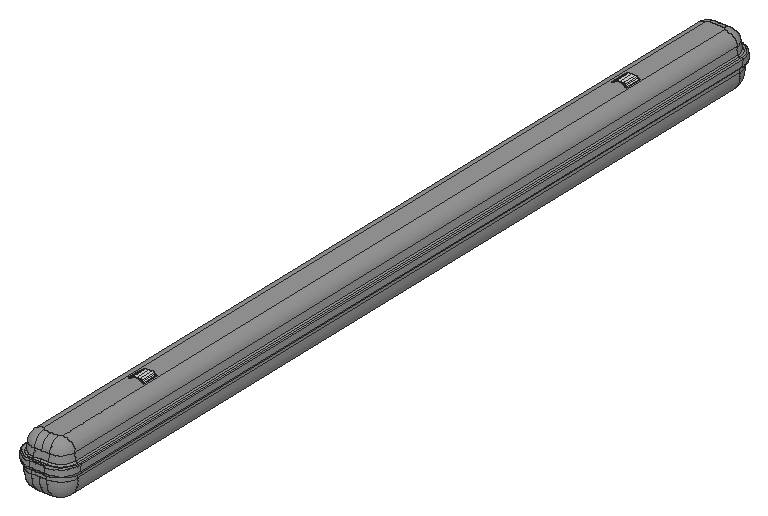
Revit family "63_UN_Lightline_WDO SV RS L1550_Norton", category Lighting Fixtures, Revit 2019
Family settings
  Round Connector Dimension = Use Diameter
  Part Type = Normal
  OmniClass Number = 23.80.70.11.14.11
  OmniClass Title = Downlights
  Work Plane-Based = No
  Always vertical = Yes
  Cut with Voids When Loaded = No
  Light Source = Yes
  Shared = No
  Room Calculation Point = Yes
Parameters (values of type "WDOSVRS 84 1 LM3000 1550")
  calc_length = Length - 40 mm  # 1538 mm
  Wattage Comments = "27W"
  Wattage = 23.5624 W
  built-in parameter 1150110 = 1 (stored number, unit not read)
  Voltage = 230 V
  URL = "https://www.ivlibrary.com/"
  Type Comments = "L1550"
  built-in parameter 1114217 = 1 (stored number, unit not read)
  Tilt Angle = 60.00°
  built-in parameter 1150109 = 1 (stored number, unit not read)
  built-in parameter 1150134 = 3
  Symbol_ToScale [instance] = not(Symbol_RealSize)  # yes
  Symbol_Size = Length / 100  # 15.78 mm
  Symbol_RealSize [instance] = no
  Switch Code [instance] = ""
  built-in parameter 1150113 = 1 (stored number, unit not read)
  Photometric Web File = "WDOSVRS 841 LM3000 1550_LDT.ies"
  Model = "WDO SV RS"
  Manufacturer = "Norton"
  built-in parameter 1150105 = 281.4 (stored number, unit not read)
  Luminous Flux (lm) = 3500 lm
  Lumens = 3500 lm
  built-in parameter 1150115 = 1 (stored number, unit not read)
  Luminaire Code [instance] = ""
  built-in parameter 1150137 = (empty or 0)
  built-in parameter 1150139 = (empty or 0)
  Length = 1578 mm
  built-in parameter 1150112 = 1 (stored number, unit not read)
  built-in parameter 1150114 = 1 (stored number, unit not read)
  Lamp = "LED"
  built-in parameter 1150132 = 2
  built-in parameter 1150102 = (empty or 0)
  built-in parameter 1150107 = 3200 (stored number, unit not read)
  built-in parameter 1150138 = (empty or 0)
  built-in parameter 1150106 = 2.814 (stored number, unit not read)
  IfcExportType = "USERDEFINED"
  IfcExportAs = "IfcLightFixtureType"
  IP Value = "IP66"
  IK Value = "IK08"
  Housing_Material = Laminate, White
  Emit from Rectangle Width = calc_length  # 1538 mm
  Emit from Rectangle Length = 101 mm
  Emit Shape Visible in Rendering = no
  built-in parameter 1150104 = 13.8 (stored number, unit not read)
  Dimming Lamp Color Temperature Shift = <None>
  Description = ""
  Content Creator® = "www.ivlibrary.com"
  Color Filter = 16777215
  Bracket_Distance = 1100 mm
  built-in parameter 1114218 = 1 (stored number, unit not read)
  built-in parameter 1150133 = 10 (stored number, unit not read)
  Assembly Code = "63.0"
  Apparent Load = 27 VA
Reference planes
  plane 1 "Center (Front/Back)": y = 0
  plane 2: z = 0
  plane 3 "Center (Left/Right)": x = 0
  plane 4: y = 769
  plane 5: y = -769
  plane 6: y = -785.192
  plane 7: y = 785
  plane 8: y = -550
  plane 9: y = 550
Forms (mm)
  Sweep 1, solid, material "Laminate, White" <- "Housing_Material"
    path origin (-26.25, 0, 0) x (1, 0, 0) y (0, 1, 0)
      loop
        line (26.25, -769) -> (40, -769)
        arc (40, -769) -> (50.607, -764.607) -> (55, -754) r 15
        line (55, -754) -> (55, 754)
        arc (55, 754) -> (50.607, 764.607) -> (40, 769) r 15
        line (40, 769) -> (26.25, 769)
    profile origin (28.75, 0, 0) x (-1, 0, 0) y (0, 0, 1)
      loop
        line (13.75, -55) -> (13.75, -5) -> (11.564, -5)
        arc (11.564, -5) -> (-3.391, -10.765) -> (-10.607, -25.076) r 22.28
        line (-10.607, -25.076) -> (-11.924, -38.327)
        arc (-11.924, -38.327) -> (-12.75, -39.965) -> (-14.462, -40.625) r 2.551
        line (-14.462, -40.625) -> (-19.75, -40.625)
        arc (-19.75, -40.625) -> (-20.811, -41.064) -> (-21.25, -42.125) r 1.5
        line (-21.25, -42.125) -> (-21.25, -53.5)
        arc (-21.25, -53.5) -> (-20.811, -54.561) -> (-19.75, -55) r 1.5
        line (-19.75, -55) -> (13.75, -55)
  Sweep 2, solid, material "Laminate, White" <- "Housing_Material"
    path origin (26.25, 0, 0) x (-1, 0, 0) y (0, 1, 0)
      loop
        line (26.25, -769) -> (40, -769)
        arc (40, -769) -> (50.607, -764.607) -> (55, -754) r 15
        line (55, -754) -> (55, 754)
        arc (55, 754) -> (50.607, 764.607) -> (40, 769) r 15
        line (40, 769) -> (26.25, 769)
    profile origin (-28.75, 0, 0) x (-1, 0, 0) y (0, 0, 1)
      loop
        line (-14.225, -55) -> (19.75, -55)
        arc (19.75, -55) -> (20.811, -54.561) -> (21.25, -53.5) r 1.5
        line (21.25, -53.5) -> (21.25, -42.125)
        arc (21.25, -42.125) -> (20.811, -41.064) -> (19.75, -40.625) r 1.5
        line (19.75, -40.625) -> (14.462, -40.625)
        arc (14.462, -40.625) -> (12.75, -39.965) -> (11.924, -38.327) r 2.551
        line (11.924, -38.327) -> (10.607, -25.076)
        arc (10.607, -25.076) -> (3.391, -10.765) -> (-11.564, -5) r 22.28
        line (-11.564, -5) -> (-14.225, -5) -> (-14.225, -55)
  Sweep 3, solid, material "Glass, White, High Luminance"
    path origin (0, 0, 0) x (1, 0, 0) y (0, 1, 0)
      loop
        arc (-44.95, -753.992) -> (-35.812, -776.054) -> (-13.75, -785.192) r 31.2
        line (-13.75, -785.192) -> (0, -785.192) -> (13.75, -785.192)
        arc (13.75, -785.192) -> (35.812, -776.054) -> (44.95, -753.992) r 31.2
        line (44.95, -753.992) -> (44.95, 753.8)
        arc (44.95, 753.8) -> (35.812, 775.862) -> (13.75, 785) r 31.2
        line (13.75, 785) -> (0, 785) -> (-13.75, 785)
        arc (-13.75, 785) -> (-35.812, 775.862) -> (-44.95, 753.8) r 31.2
        line (-44.95, 753.8) -> (-44.95, -753.992)
    profile origin (-44.95, -0.096, 0) x (-1, 0, 0) y (0, 0, 1)
      loop
        line (0, -65) -> (0, -55) -> (-30.425, -55) -> (-30.425, -99.972) -> (-28.319, -99.972)
        spline (-28.319, -99.972) -> (-22.316, -99.519) -> (-17.22, -98.236) -> (-12.957, -96.239) -> (-9.455, -93.641) -> (-6.64, -90.557) -> (-4.438, -87.103) -> (-2.776, -83.392) -> (-1.581, -79.539) -> (-0.779, -75.658) -> (-0.297, -71.865) -> (-0.062, -68.274) -> (0, -65)
  Extrusion 4, solid, material "Laminate, White" <- "Housing_Material"
    sketch origin (0, 0, 0) x (1, 0, 0) y (0, 1, 0)
      loop
        line (-14.525, 755.25) -> (-14.525, -755.25) -> (15, -755.25) -> (15, 755.25) -> (-14.525, 755.25)
    from -5 to -55
  Extrusion 5, solid, material "Glass, White, High Luminance"
    sketch origin (0, 0, 0) x (1, 0, 0) y (0, 1, 0)
      loop
        line (-14.525, 754.575) -> (-14.525, -754.767) -> (14.525, -754.767) -> (14.525, 754.575) -> (-14.525, 754.575)
    from -55 to -99.972
Cuts and joins
  joined: Sweep 1, Sweep 2, Extrusion 4
  joined: Sweep 3, Extrusion 5
Lines and regions (mm)
  symbolic lines, visible <- "Symbol_RealSize"
    curve 1: line (-49.402, 789, 0) -> (50.598, 789, 0)
    curve 2: line (-49.402, -789, 0) -> (-49.402, 789, 0)
    curve 3: line (50.598, -789, 0) -> (-49.402, -789, 0)
    curve 4: line (50.598, 789, 0) -> (50.598, -789, 0)
Dimensions and locks
  "calc_length": plane 4 to plane 5
  equal spacing: plane 4, plane 1 "Center (Front/Back)", plane 5
  locked: plane 5 to plane 6 at 16.192
  locked: plane 7 to plane 4 at 16
  locked: Sweep 3 to plane 5 at 14.233
  locked: plane 4 to Extrusion 4 sketch curve at 13.75
  locked: Extrusion 5 sketch curve to plane 5 at 14.233
  locked: plane 4 to Extrusion 5 sketch curve at 14.425
  equal spacing: plane 8, plane 1 "Center (Front/Back)", plane 9
  "Bracket_Distance": plane 8 to plane 9
  equal spacing: curve 1, plane 1 "Center (Front/Back)", curve 3
  "Length": curve 3 to curve 1
  aligned and locked: level to plane 2
  aligned and locked: plane 4 to Sweep 2 sketch curve
  aligned and locked: plane 5 to Sweep 2 sketch curve
  aligned and locked: Sweep 1 sketch curve to plane 4
  aligned and locked: Sweep 1 sketch curve to plane 5
  aligned and locked: plane 6 to Sweep 3 sketch curve
  aligned and locked: plane 7 to Sweep 3 sketch curve  (x2)
  aligned and locked: plane 8 to nested 1
  aligned and locked: plane 9 to nested 2
Automatic sketch dimensions
  Extrusion 5 sketch curve to plane 3 "Center (Left/Right)" = 14.525 mm
  plane 3 "Center (Left/Right)" to Extrusion 5 sketch curve = 14.525 mm
  Sweep 1 sketch curve to plane 3 "Center (Left/Right)" = 0 mm  (x2)
  plane 3 "Center (Left/Right)" to Sweep 1 sketch curve = 13.75 mm  (x2)
  Sweep 1 sketch curve to plane 4 = 15 mm
  profile plane to Sweep 1 sketch curve = 21.25 mm
  Sweep 1 sketch curve to Sweep 1 sketch curve = 1.5 mm  (x2)
  Sweep 1 sketch curve to Sweep 1 sketch curve = 5.288 mm
  Sweep 1 sketch curve to Sweep 1 sketch curve = 2.538 mm
  profile plane to Sweep 1 sketch curve = 10.607 mm
  Sweep 1 sketch curve to level = 5 mm
  Sweep 1 sketch curve to profile plane = 11.564 mm
  Sweep 1 sketch curve to Sweep 1 sketch curve = 2.186 mm
  Sweep 1 sketch curve to level = 25.076 mm
  Sweep 1 sketch curve to Sweep 1 sketch curve = 12.998 mm
  Sweep 1 sketch curve to Sweep 1 sketch curve = 0.252 mm
  Sweep 1 sketch curve to Sweep 1 sketch curve = 11.375 mm
  Sweep 2 sketch curve to plane 3 "Center (Left/Right)" = 0 mm  (x2)
  plane 3 "Center (Left/Right)" to Sweep 2 sketch curve = 13.75 mm  (x2)
  plane 4 to Sweep 2 sketch curve = 15 mm
  profile plane to Sweep 2 sketch curve = 14.225 mm
  profile plane to Sweep 2 sketch curve = 11.564 mm
  Sweep 2 sketch curve to profile plane = 10.607 mm
  Sweep 2 sketch curve to profile plane = 11.924 mm
  Sweep 2 sketch curve to Sweep 2 sketch curve = 2.538 mm
  Sweep 2 sketch curve to Sweep 2 sketch curve = 5.288 mm  (x2)
  Sweep 2 sketch curve to Sweep 2 sketch curve = 1.5 mm
  Sweep 2 sketch curve to level = 55 mm
  Sweep 2 sketch curve to Sweep 2 sketch curve = 11.375 mm
  Sweep 2 sketch curve to Sweep 2 sketch curve = 2.298 mm
  Sweep 2 sketch curve to Sweep 2 sketch curve = 11.047 mm
  Sweep 2 sketch curve to Sweep 2 sketch curve = 13.25 mm
  Sweep 3 sketch curve to plane 3 "Center (Left/Right)" = 0 mm  (x2)
  Sweep 3 sketch curve to plane 3 "Center (Left/Right)" = 13.75 mm  (x2)
  Sweep 3 sketch curve to plane 4 = 15.2 mm  (x2)
  plane 3 "Center (Left/Right)" to Sweep 3 sketch curve = 13.75 mm  (x2)
  Sweep 3 sketch curve to profile plane = 0 mm
  profile plane to Sweep 3 sketch curve = 28.319 mm
  Sweep 3 sketch curve to Sweep 3 sketch curve = 2.106 mm
  Sweep 3 sketch curve to level = 99.972 mm
  Sweep 3 sketch curve to Sweep 3 sketch curve = 34.972 mm
  Sweep 3 sketch curve to Sweep 3 sketch curve = 10 mm
  Extrusion 4 sketch curve to plane 3 "Center (Left/Right)" = 14.525 mm
  plane 3 "Center (Left/Right)" to Extrusion 4 sketch curve = 15 mm
  plane 5 to Extrusion 4 sketch curve = 13.75 mm
  curve 3 to plane 3 "Center (Left/Right)" = 49.402 mm
  plane 3 "Center (Left/Right)" to curve 3 = 50.598 mm
Nested families
  nested 1: "norton bracket" at (0, -550, 0) x (-1, 0, 0) z (0, 0, 1), type "norton bracket"
  nested 2: "norton bracket" at (0, 550, 0), type "norton bracket"
  nested 3: "Lightline Symbol" at (0, 0, 0), Length <- "Symbol_Size", visible <- "Symbol_ToScale", type "symbol"
    with Length 15.78 mm
Connectors
  electrical at (0, 0, 0), driven by "Voltage", driven by "Apparent Load"
    settings: index 1, voltage 230 V, apparent load 0 VA, apparent load phase1 27 VA, apparent load phase2 0 VA, apparent load phase3 0 VA, power factor 1, load classification "Lighting", number of poles 1, system type 31, power factor state 1, is connector primary yes, connector utility no, sub classification motor no, connector description ""
Definition of nested family "norton bracket"
  Reference planes
    plane 1: y = 0
    plane 2: z = 0
    plane 3: x = 0
    plane 4 "Center (Left/Right)": x = 0
  Forms (mm)
    Extrusion 1, solid
      sketch origin (0, 14.135, 0) x (1, 0, 0) y (0, 0, -1)
        loop
          line (0, 0) -> (6.136, 0)
          arc (6.136, 0) -> (8.007, 0.491) -> (9.396, 1.837) r 3.81
          line (9.396, 1.837) -> (10.271, 3.284)
          arc (10.271, 3.284) -> (11.163, 4.149) -> (12.365, 4.464) r 2.447
          line (12.365, 4.464) -> (13.658, 4.464) -> (13.658, 5.264) -> (12.365, 5.264)
          arc (12.365, 5.264) -> (10.77, 4.846) -> (9.587, 3.698) r 3.247
          line (9.587, 3.698) -> (8.753, 2.321)
          arc (8.753, 2.321) -> (7.656, 1.258) -> (6.178, 0.87) r 3.01
          line (6.178, 0.87) -> (0, 0.87) -> (-6.178, 0.87)
          arc (-6.178, 0.87) -> (-7.656, 1.258) -> (-8.753, 2.321) r 3.01
          line (-8.753, 2.321) -> (-9.587, 3.698)
          arc (-9.587, 3.698) -> (-10.77, 4.846) -> (-12.365, 5.264) r 3.247
          line (-12.365, 5.264) -> (-13.658, 5.264) -> (-13.658, 4.464) -> (-12.365, 4.464)
          arc (-12.365, 4.464) -> (-11.163, 4.149) -> (-10.271, 3.284) r 2.447
          line (-10.271, 3.284) -> (-9.396, 1.837)
          arc (-9.396, 1.837) -> (-8.007, 0.491) -> (-6.136, 0) r 3.81
          line (-6.136, 0) -> (0, 0)
      from 0 to -28.271
  Automatic sketch dimensions
    Extrusion 1 sketch curve to Extrusion 1 sketch curve = 0 mm  (x8)
    Extrusion 1 sketch curve to Extrusion 1 sketch curve = 6.136 mm  (x2)
    Extrusion 1 sketch curve to Extrusion 1 sketch curve = 0.871 mm  (x2)
    Extrusion 1 sketch curve to Extrusion 1 sketch curve = 2.956 mm  (x2)
    Extrusion 1 sketch curve to Extrusion 1 sketch curve = 0.804 mm  (x4)
    Extrusion 1 sketch curve to Extrusion 1 sketch curve = 1.61 mm  (x2)
    Extrusion 1 sketch curve to Extrusion 1 sketch curve = 0.8 mm  (x4)
    Extrusion 1 sketch curve to Extrusion 1 sketch curve = 2.447 mm
    Extrusion 1 sketch curve to Extrusion 1 sketch curve = 1.293 mm  (x2)
    Extrusion 1 sketch curve to Extrusion 1 sketch curve = 2.403 mm
    Extrusion 1 sketch curve to Extrusion 1 sketch curve = 0.87 mm  (x2)
    Extrusion 1 sketch curve to Extrusion 1 sketch curve = 3.36 mm  (x2)
    Extrusion 1 sketch curve to Extrusion 1 sketch curve = 2.975 mm  (x2)
    Extrusion 1 sketch curve to Extrusion 1 sketch curve = 1.691 mm  (x2)
Definition of nested family "Lightline Symbol"
  Parameters (values of type "Family2")
    Length [instance] = 6.7 mm
  Reference planes
    plane 1: y = 0
    plane 2: x = 0
  Lines and regions (mm)
    detail lines
      curve 1: line (0.5, 3.35, 0) -> (-0.5, 3.35, 0)
      curve 2: line (0.5, -3.35, 0) -> (0.5, 3.35, 0)
      curve 3: line (-0.5, -3.35, 0) -> (0.5, -3.35, 0)
      curve 4: line (-0.5, 3.35, 0) -> (-0.5, -3.35, 0)
  Dimensions and locks
    "Length": curve 1 to curve 3
    equal spacing: curve 1, plane 1, curve 3
  Automatic sketch dimensions
    curve 1 to plane 2 = 0.5 mm
    plane 2 to curve 3 = 0.5 mm
